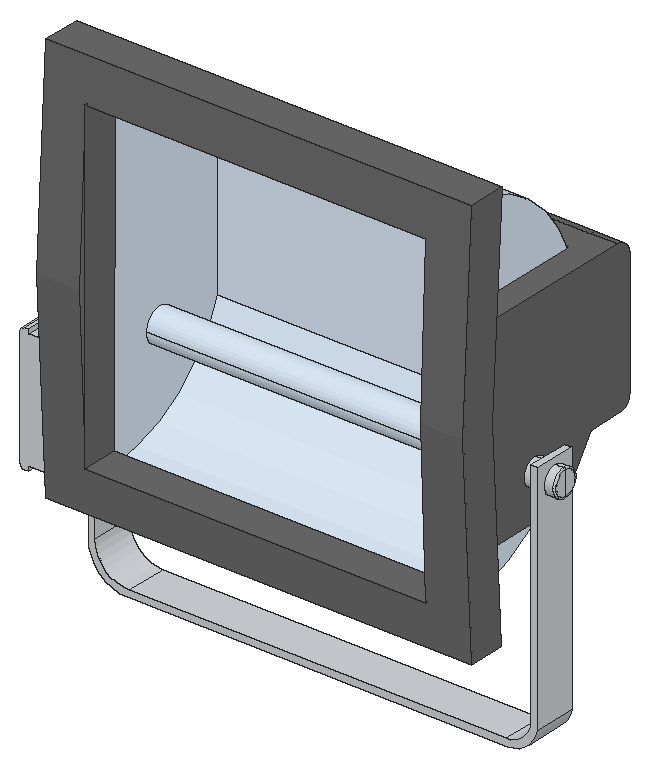
Revit family "Lighting-Proiezione-GEWISS-COLOSSEUM-PROIETTORI_OTTICA_SIMMETRICA", category Apparecchi per illuminazione, host Superficie, Revit 2019
Family settings
  Host = Superficie
  Quota connettore circolare = Usa diametro
  Tipo di parte = Normale
  Numero OmniClass = 23.80.70.11.14
  Titolo OmniClass = General Luminaries, Directional
  Taglio con vuoti quando caricato = No
  Sorgente d'illuminazione = No
  Condiviso = No
  Punto di calcolo locali = Sì
Parameters (values of type "GW84649 - COLOSSEUM SIM. DIF. 1000W MN X528/CAVO")
  Voltaggio = 230 V
  Versione file RFA = "20.11"
  URL = "https://www.gewiss.com/it/it"
  Superficie massima esposta al vento = "0,25M2"
  Superficie laterale esposta al vento = "0,083M2"
  Staffa = none
  Spessore staffa = 40 mm  # constant formula
  Scheda Tecnica = "https://www.gewiss.com/it/it/search?q=GW84649"
  SIMBOLO [instance] = yes
  SEO = "Proiettore"
  Resistenza agli urti = "IK09"
  Default Elevation = 1219.2 mm
  Produttore = "GEWISS S.p.A."
  Potenza lampada = "1000W"
  Peso (kg): = "16,4"
  Peso (kg) = "16,4"
  Ottica = "Simmetrica diffondente - ULOR: 0%"
  Offset etichetta W [instance] = 150 mm
  Numero di poli = 2
  Modello = "GW84649"
  Materiale = "Alluminio"
  Manopola di rotazione = none
  Lampada: = "MN"
  Lampada = "MN"
  L_interna staffa = 515 mm  # constant formula
  Inquinamento luminoso = "0 cd/Klm"
  Immagine tipo = GW84646.jpg
  IFC.TypeObject = ""
  IFC.ExportType = ""
  IFC.ExportAs = ""
  IDT = "e3fb4f7b-269b-4903-8aa9-695488925831"
  IDF = "337b4e20-7dcf-4b5c-8cd1-a09b02e429b6"
  Grado di protezione = "IP66"
  ETICHETTA W [instance] = yes
  Distanza minima dall'oggetto illuminato = "3M"
  Descrizione = "COLOSSEUM OTTICA SIMMETRICA DIFFONDENTE 1000W MN X528/CAVO"
  Creato da GEWISS S.p.A. = ""
  Corrente lampada: = "9,5A"
  Corrente lampada = "9,5A"
  Colore = "Grigio grafite"
  Codice Electrocod = "2433"
  Codice EAN = "8011564222113"
  Classificazione carico = Illuminazione
  Classe isolamento = "I"
  Certificazione DIN 18032-3 = "Conforme"
  Catalogo Serie = "COLOSSEUM"
  Catalogo = "LIGHTING"
  Carico apparente = 1000 VA
  COBie.Tagnumber = ""
  COBie.CreatedOn = ""
  COBie.CreatebBy = ""
  COBie.ComponentRegisterItemID = ""
  COBie.Component.TagNumber = ""
  COBie.Component.Space = ""
  COBie.Component.SerialNumber = ""
  COBie.Component.InstallationDate = ""
  COBie.Component.Description = ""
  COBie.Component.BarCode = ""
  BIDIMENSIONALE [instance] = not(SIMBOLO)  # no
  Attacco lampada = "X528/Cavo"
  Applicazione = "Esterno"
Reference planes
  plane 1 "Centro (Fronte/Retro)": y = 0
  plane 2: z = 0
  plane 3 "Centro (Sinistra/Destra)": x = 0
  plane 4: z = 306.868
  plane 5: y = 20
  plane 6: y = -20
  plane 7: x = -257.5
  plane 8: x = 257.5
  plane 9: y = -150
Lines and regions (mm)
  Masking region 1, visible <- "BIDIMENSIONALE"
    outline origin (-1739.2, 0, 138.951) x (1, 0, 0) y (0, 1, 0)
      loop
        line (1473.882, 45) -> (1409.375, 45) -> (1409.375, -45) -> (1473.882, -45) -> (1473.882, -25) -> (1497.7, -25) -> (1497.7, -60.148) -> (1487.7, -60.148) -> (1487.7, -105.146) -> (1990.7, -105.146) -> (1990.7, -60.148) -> (1980.7, -60.148) -> (1980.7, -25) -> (2004.518, -25) -> (2004.518, -16.196) -> (2017.093, -16.196) -> (2017.093, 15.967) -> (2004.518, 15.967) -> (2004.518, 25) -> (1980.7, 25) -> (1980.7, 140) -> (1497.7, 140) -> (1497.7, 25) -> (1473.882, 25) -> (1473.882, 45)
  symbolic lines, visible <- "BIDIMENSIONALE"
    curve 1: line (-329.825, 45, 138.951) -> (-265.318, 45, 138.951)
    curve 2: line (-329.825, -45, 138.951) -> (-329.825, 45, 138.951)
    curve 3: line (-265.318, -45, 138.951) -> (-329.825, -45, 138.951)
    curve 4: line (-265.318, 45, 138.951) -> (-265.318, -45, 138.951)
    curve 5: line (-320.053, 45, 138.951) -> (-320.053, -45, 138.951)
    curve 6: line (-265.318, 25, 138.951) -> (-241.5, 25, 138.951)
    curve 7: line (-265.318, -25, 138.951) -> (-265.318, 25, 138.951)
    curve 8: line (-241.5, -25, 138.951) -> (-265.318, -25, 138.951)
    curve 9: line (-241.5, 25, 138.951) -> (-241.5, -25, 138.951)
    curve 10: line (-257.5, 25, 138.951) -> (-257.5, -25, 138.951)
    curve 11: line (-241.5, -60.148, 138.951) -> (241.5, -60.148, 138.951)
    curve 12: line (-241.5, 140, 138.951) -> (-241.5, -60.148, 138.951)
    curve 13: line (241.5, 140, 138.951) -> (-241.5, 140, 138.951)
    curve 14: line (241.5, -60.148, 138.951) -> (241.5, 140, 138.951)
    curve 15: line (251.5, -60.148, 138.951) -> (-251.5, -60.148, 138.951)
    curve 16: line (251.5, -105.146, 138.951) -> (251.5, -60.148, 138.951)
    curve 17: line (-251.5, -105.146, 138.951) -> (251.5, -105.146, 138.951)
    curve 18: line (-251.5, -60.148, 138.951) -> (-251.5, -105.146, 138.951)
    curve 19: line (265.318, 25, 138.951) -> (241.5, 25, 138.951)
    curve 20: line (265.318, -25, 138.951) -> (265.318, 25, 138.951)
    curve 21: line (241.5, -25, 138.951) -> (265.318, -25, 138.951)
    curve 22: line (241.5, 25, 138.951) -> (241.5, -25, 138.951)
    curve 23: line (265.318, -16.196, 138.951) -> (277.893, -16.196, 138.951)
    curve 24: line (265.318, 15.967, 138.951) -> (265.318, -16.196, 138.951)
    curve 25: line (277.893, 15.967, 138.951) -> (265.318, 15.967, 138.951)
    curve 26: line (277.893, -16.196, 138.951) -> (277.893, 15.967, 138.951)
    curve 27: line (257.5, -25, 138.951) -> (257.5, 25, 138.951)
  symbolic lines, visible <- "BIDIMENSIONALE", not visible
    curve 28: line (-329.825, 45, 138.951) -> (-265.318, 45, 138.951)
    curve 29: line (-329.825, -45, 138.951) -> (-329.825, 45, 138.951)
    curve 30: line (-265.318, -45, 138.951) -> (-329.825, -45, 138.951)
    curve 31: line (-265.318, 45, 138.951) -> (-265.318, -45, 138.951)
    curve 32: line (-320.053, 45, 138.951) -> (-320.053, -45, 138.951)
    curve 33: line (-265.318, 25, 138.951) -> (-241.5, 25, 138.951)
    curve 34: line (-265.318, -25, 138.951) -> (-265.318, 25, 138.951)
    curve 35: line (-241.5, -25, 138.951) -> (-265.318, -25, 138.951)
    curve 36: line (-241.5, 25, 138.951) -> (-241.5, -25, 138.951)
    curve 37: line (-257.5, 25, 138.951) -> (-257.5, -25, 138.951)
    curve 38: line (-241.5, -60.148, 138.951) -> (241.5, -60.148, 138.951)
    curve 39: line (-241.5, 140, 138.951) -> (-241.5, -60.148, 138.951)
    curve 40: line (241.5, 140, 138.951) -> (-241.5, 140, 138.951)
    curve 41: line (241.5, -60.148, 138.951) -> (241.5, 140, 138.951)
    curve 42: line (251.5, -60.148, 138.951) -> (-251.5, -60.148, 138.951)
    curve 43: line (251.5, -105.146, 138.951) -> (251.5, -60.148, 138.951)
    curve 44: line (-251.5, -105.146, 138.951) -> (251.5, -105.146, 138.951)
    curve 45: line (-251.5, -60.148, 138.951) -> (-251.5, -105.146, 138.951)
    curve 46: line (265.318, 25, 138.951) -> (241.5, 25, 138.951)
    curve 47: line (265.318, -25, 138.951) -> (265.318, 25, 138.951)
    curve 48: line (241.5, -25, 138.951) -> (265.318, -25, 138.951)
    curve 49: line (241.5, 25, 138.951) -> (241.5, -25, 138.951)
    curve 50: line (265.318, -16.196, 138.951) -> (277.893, -16.196, 138.951)
    curve 51: line (265.318, 15.967, 138.951) -> (265.318, -16.196, 138.951)
    curve 52: line (277.893, 15.967, 138.951) -> (265.318, 15.967, 138.951)
    curve 53: line (277.893, -16.196, 138.951) -> (277.893, 15.967, 138.951)
    curve 54: line (257.5, -25, 138.951) -> (257.5, 25, 138.951)
Dimensions and locks
  equal spacing: plane 6, plane 1 "Centro (Fronte/Retro)", plane 5
  "Spessore staffa": plane 6 to plane 5
  equal spacing: plane 7, plane 3 "Centro (Sinistra/Destra)", plane 8
  "L_interna staffa": plane 7 to plane 8
  nested 2 to nested 2 = 503 mm
  "Offset etichetta W": plane 1 "Centro (Fronte/Retro)" to plane 9
  aligned and locked: plane 2 to host face
  aligned and locked: level to host face
  aligned and locked: plane 1 "Centro (Fronte/Retro)" to nested 1
  aligned and locked: plane 3 "Centro (Sinistra/Destra)" to nested 1
  aligned and locked: nested 1 to nested 2
  aligned and locked: plane 3 "Centro (Sinistra/Destra)" to nested 3
  aligned and locked: plane 1 "Centro (Fronte/Retro)" to nested 3
  aligned and locked: nested 5 to level
  aligned and locked: plane 3 "Centro (Sinistra/Destra)" to nested 5
  aligned and locked: nested 2 to plane 1 "Centro (Fronte/Retro)"
  aligned and locked: nested 6 to plane 9
  aligned and locked: plane 3 "Centro (Sinistra/Destra)" to nested 6
Automatic sketch dimensions
  host sketch curve to host sketch curve = 2438.4 mm  (x2)
  Masking region 1 sketch curve to plane 5 = 25 mm
  Masking region 1 sketch curve to plane 7 = 72.325 mm
  Masking region 1 sketch curve to plane 7 = 7.818 mm  (x2)
  plane 7 to Masking region 1 sketch curve = 6 mm
  Masking region 1 sketch curve to plane 5 = 5 mm  (x2)
  plane 7 to Masking region 1 sketch curve = 16 mm
  Masking region 1 sketch curve to Masking region 1 sketch curve = 10 mm
  plane 6 to Masking region 1 sketch curve = 5 mm  (x2)
  Masking region 1 sketch curve to plane 8 = 16 mm  (x2)
  Masking region 1 sketch curve to plane 8 = 6 mm
  plane 8 to Masking region 1 sketch curve = 7.818 mm  (x2)
  Masking region 1 sketch curve to plane 6 = 3.804 mm
  plane 5 to Masking region 1 sketch curve = 4.033 mm
  Masking region 1 sketch curve to Masking region 1 sketch curve = 12.575 mm
  Masking region 1 sketch curve to Masking region 1 sketch curve = 20 mm
  Masking region 1 sketch curve to Masking region 1 sketch curve = 35.148 mm
  Masking region 1 sketch curve to Masking region 1 sketch curve = 15.148 mm
  Masking region 1 sketch curve to Masking region 1 sketch curve = 44.998 mm
  Masking region 1 sketch curve to Masking region 1 sketch curve = 115 mm
Nested families
  nested 1: "GW - Staffa" at (0, 0, 0), type "GW - Staffa"
  nested 2: "GW - COLOSSEUM" at (0, 0, 129.414) x (-1, 0, 0) z (0, 0, 1), type "GW - COLOSSEUM"
  nested 3: "PROIETTORE" at (0, 0, 138.951), visible <- "SIMBOLO", type "PROIETTORE"
  nested 4: "2D - COLOSSEUM - LAT" at (0, -31.689, 0) x (0, -1, 0) z (1, 0, 0), type "BIDIMENSIONALE"
  nested 5: "2D - COLOSSEUM - FRONTE" at (0, 0, 0) x (1, 0, 0) z (0, -1, 0), type "BIDIMENSIONALE"
  nested 6: "ETICHETTA LIGHT" at (0, -150, 0), visible <- "ETICHETTA W", type "ETICHETTA LIGHT"
Connectors
  electrical at (-295.522, 0, 251.903), driven by "Numero di poli", driven by "Classificazione carico", driven by "Voltaggio", driven by "Carico apparente"
    settings: on nested 1, index 1, voltage 230 V, apparent load 0 VA, apparent load phase1 1000 VA, apparent load phase2 0 VA, apparent load phase3 0 VA, power factor 1, load classification "Illuminazione", number of poles 2, system type 31, power factor state 1, is connector primary yes, connector utility no, sub classification motor no, connector description ""
Definition of nested family "GW - Staffa"
  Parameters (values of type "GW - Staffa")
    Staffa = none
    Spessore staffa = 50 mm
    Rotazione = none
    Default Elevation = 1219.2 mm
    L_interna staffa = 515 mm
    IFC.TypeObject = ""
    IFC.ExportType = ""
    IFC.ExportAs = ""
    Centro_rotazione = 276 mm
    COBie.CreatedOn = ""
    COBie.CreatebBy = ""
    COBie.ComponentRegisterItemID = ""
    COBie.Component.TagNumber = ""
    COBie.Component.Space = ""
    COBie.Component.SerialNumber = ""
    COBie.Component.InstallationDate = ""
    COBie.Component.Description = ""
    COBie.Component.BarCode = ""
  Reference planes
    plane 1 "Centro (Fronte/Retro)": y = 0
    plane 2: z = 0
    plane 3 "Centro (Sinistra/Destra)": x = 0
    plane 4: x = -257.5
    plane 5: x = -265.318
    plane 6: x = 257.5
    plane 7: x = 265.318
    plane 8: y = 25
    plane 9: y = -25
    plane 10: z = 8.002
    plane 11: z = 276
    plane 12: z = 307
    plane 13: z = 284.359
    plane 14 "aggancio lampada": x = -241.318
    plane 15: z = 1009.027
    plane 16: y = 45
    plane 17: y = -45
    plane 18: x = 241.318
  Forms (mm)
    Extrusion 1, solid, material <- "Staffa"
      sketch origin (0, 0, 0) x (1, 0, 0) y (0, 0, 1)
        loop
          line (-257.5, 307) -> (-265.318, 307) -> (-265.318, 46.032)
          arc (-265.318, 46.032) -> (-251.836, 13.482) -> (-219.286, 0) r 46.032
          line (-219.286, 0) -> (230.08, 0)
          arc (230.08, 0) -> (252.867, 8.149) -> (265.318, 28.9) r 35.933
          line (265.318, 28.9) -> (265.318, 307) -> (257.5, 307) -> (257.5, 31.592)
          arc (257.5, 31.592) -> (246.998, 14.632) -> (228.184, 8.002) r 30.012
          line (228.184, 8.002) -> (-217.39, 8.002)
          arc (-217.39, 8.002) -> (-245.752, 19.75) -> (-257.5, 48.112) r 40.11
          line (-257.5, 48.112) -> (-257.5, 307)
      from -25 to 25
    Revolve 2, solid, material <- "Rotazione"
      sketch origin (0, 0, 0) x (1, 0, 0) y (0, 0, 1)
        loop
          line (-241.318, 300.366) -> (-276.087, 300.366)
          arc (-276.087, 300.366) -> (-277.455, 299.799) -> (-278.021, 298.431) r 1.935
          line (-278.021, 298.431) -> (-278.021, 284.359) -> (-241.318, 284.359) -> (-241.318, 300.366)
        axis (-278.021, 284.359) -> (-241.318, 284.359)
      angle from 0 to 360
    Revolve 3, solid
      sketch origin (0, 0, 0) x (-1, 0, 0) y (0, 0, 1)
        loop
          line (-241.318, 300.366) -> (-276.087, 300.366)
          arc (-276.087, 300.366) -> (-277.455, 299.799) -> (-278.021, 298.431) r 1.935
          line (-278.021, 298.431) -> (-278.021, 284.359) -> (-241.318, 284.359) -> (-241.318, 300.366)
        axis (-278.021, 284.359) -> (-241.318, 284.359)
      angle from 0 to 360
    Extrusion 4, solid
      sketch origin (0, 0, 0) x (1, 0, 0) y (0, 0, 1)
        loop
          line (-320.053, 111.847) -> (-270.318, 111.847)
          arc (-270.318, 111.847) -> (-266.782, 113.312) -> (-265.318, 116.847) r 5
          line (-265.318, 116.847) -> (-265.318, 246.229)
          arc (-265.318, 246.229) -> (-266.98, 250.241) -> (-270.992, 251.903) r 5.674
          line (-270.992, 251.903) -> (-320.053, 251.903) -> (-320.053, 256.903) -> (-324.825, 256.903)
          arc (-324.825, 256.903) -> (-328.36, 255.439) -> (-329.825, 251.903) r 5
          line (-329.825, 251.903) -> (-329.825, 111.845)
          arc (-329.825, 111.845) -> (-328.36, 108.309) -> (-324.825, 106.845) r 5
          line (-324.825, 106.845) -> (-320.053, 106.845) -> (-320.053, 111.847)
      from -45 to 45
  Dimensions and locks
    locked: plane 4 to plane 5 at 7.818
    locked: plane 7 to plane 6 at 7.818
    locked: plane 10 to level at 8.002
    "Centro_rotazione": plane 11 to plane 2
    equal spacing: plane 6, plane 3 "Centro (Sinistra/Destra)", plane 4
    "L_interna staffa": plane 6 to plane 4
    locked: plane 12 to plane 11 at 31
    equal spacing: plane 8, plane 1 "Centro (Fronte/Retro)", plane 9
    "Spessore staffa": plane 8 to plane 9
    locked: plane 13 to plane 11 at 8.359
    locked: plane 14 "aggancio lampada" to plane 5 at 24
    locked: plane 17 to plane 9 at 20
    locked: plane 8 to plane 16 at 20
    aligned and locked: level to plane 2
    aligned and locked: Extrusion 1 sketch curve to plane 4
    aligned and locked: Extrusion 1 sketch curve to plane 5
    aligned and locked: Extrusion 1 sketch curve to plane 7
    aligned and locked: Extrusion 1 sketch curve to plane 6
    aligned and locked: Extrusion 1 sketch curve to plane 2
    aligned and locked: plane 8 to Extrusion 1
    aligned and locked: Extrusion 1 to plane 9
    aligned and locked: Extrusion 1 to plane 10
    aligned and locked: Extrusion 1 to plane 12  (x2)
    aligned and locked: Revolve 2 to plane 14 "aggancio lampada"
    aligned and locked: plane 16 to Extrusion 4
    aligned and locked: Extrusion 4 to plane 17
    aligned and locked: plane 5 to Extrusion 4
    aligned and locked: Revolve 3 to plane 18
  Automatic sketch dimensions
    Extrusion 1 sketch curve to plane 10 = 0 mm
    Extrusion 1 sketch curve to plane 12 = 0 mm  (x2)
    plane 14 "aggancio lampada" to Extrusion 1 sketch curve = 22.032 mm
    Extrusion 1 sketch curve to Extrusion 1 sketch curve = 1.896 mm  (x2)
    Extrusion 1 sketch curve to plane 6 = 29.316 mm
    level to Extrusion 1 sketch curve = 28.9 mm
    Extrusion 1 sketch curve to Extrusion 1 sketch curve = 2.692 mm
    Revolve 2 sketch curve to plane 13 = 0 mm  (x2)
    Revolve 2 sketch curve to plane 14 "aggancio lampada" = 0 mm
    Revolve 2 sketch curve to plane 5 = 10.769 mm
    Revolve 2 sketch curve to plane 5 = 12.703 mm
    plane 12 to Revolve 2 sketch curve = 8.569 mm
    Revolve 2 sketch curve to Revolve 2 sketch curve = 38.544 mm
    plane 7 to Revolve 2 sketch curve = 131.71 mm
    Revolve 3 sketch curve to plane 13 = 0 mm  (x2)
    Revolve 3 sketch curve to plane 7 = 12.703 mm
    Revolve 3 sketch curve to Revolve 3 sketch curve = 1.935 mm
    plane 6 to Revolve 3 sketch curve = 16.182 mm
    Revolve 3 sketch curve to plane 12 = 8.569 mm
    Revolve 3 sketch curve to Revolve 3 sketch curve = 38.544 mm
    plane 5 to Revolve 3 sketch curve = 131.711 mm
    Extrusion 4 sketch curve to plane 5 = 64.507 mm
    Extrusion 4 sketch curve to Extrusion 4 sketch curve = 5 mm  (x2)
    Extrusion 4 sketch curve to Extrusion 4 sketch curve = 4.772 mm  (x2)
    Extrusion 4 sketch curve to plane 5 = 5.674 mm
    Extrusion 4 sketch curve to plane 5 = 5 mm
    Extrusion 4 sketch curve to plane 5 = 0 mm
    Extrusion 4 sketch curve to plane 10 = 98.843 mm
    Extrusion 4 sketch curve to Extrusion 4 sketch curve = 5.002 mm
    plane 11 to Extrusion 4 sketch curve = 29.771 mm
    Extrusion 4 sketch curve to Extrusion 4 sketch curve = 0 mm
Definition of nested family "GW - COLOSSEUM"
  Parameters (values of type "GW - COLOSSEUM")
    Default Elevation = 1219.2 mm
    Ottica = none
    Lunghezza = 503 mm
    Led = none
    Cornice = none
  Reference planes
    plane 1 "Centro (Fronte/Retro)": y = 0
    plane 2: z = 0
    plane 3 "Centro (Sinistra/Destra)": x = 0
    plane 4: x = -251.5
    plane 5: x = 251.5
    plane 6: y = 140
    plane 7: y = -140
    plane 8: z = 485
    plane 9: x = -201.5
    plane 10: x = 201.5
    plane 11: z = 435
    plane 12: z = 50
    plane 13: x = -209.5
    plane 14: x = 209.5
    plane 15: z = 242.5
    plane 16: z = 154.945
    plane 17: x = -241.5
    plane 18: x = 241.5
  Forms (mm)
    Extrusion 1, solid, material <- "Cornice"
      sketch origin (0, 0, 0) x (0, 1, 0) y (0, 0, 1)
        loop
          arc (60.148, 485) -> (74.904, 242.528) -> (62.105, -0.055) r 2141.49
          line (62.105, -0.055) -> (105.137, -0.055)
          arc (105.137, -0.055) -> (118.461, 242.472) -> (105.146, 485) r 2214.693
          line (105.146, 485) -> (60.148, 485)
      from -251.5 to 251.5
    Extrusion 2, void
      sketch origin (0, 0, 0) x (0, 1, 0) y (0, 0, 1)
        loop
          arc (65.457, 435) -> (74.904, 242.535) -> (67.012, 50) r 2141.49
          line (67.012, 50) -> (110.078, 50)
          arc (110.078, 50) -> (118.461, 242.5) -> (110.081, 435) r 2214.693
          line (110.081, 435) -> (65.457, 435)
      from -201.5 to 201.5
    Extrusion 3, solid, material <- "Ottica"
      sketch origin (0, 0, 0) x (0, 1, 0) y (0, 0, 1)
        loop
          arc (63.576, 454.03) -> (-30.298, 418.358) -> (-89.216, 337.034) r 175.396
          line (-89.216, 337.034) -> (-89.216, 148.023)
          arc (-89.216, 148.023) -> (-29.619, 66.181) -> (65.28, 30.91) r 175.396
          arc (65.28, 30.91) -> (74.904, 242.512) -> (63.576, 454.03) r 2141.49
      from -209.5 to 209.5
    Extrusion 4, void
      sketch origin (0, 0, 0) x (0, 1, 0) y (0, 0, 1)
        loop
          arc (63.984, 450.049) -> (-27.551, 415.422) -> (-85.216, 336.35) r 171.396
          line (-85.216, 336.35) -> (-85.216, 148.706)
          arc (-85.216, 148.706) -> (-26.883, 69.128) -> (65.656, 34.895) r 171.396
          arc (65.656, 34.895) -> (74.904, 242.512) -> (63.984, 450.049) r 2141.49
      from -201.5 to 201.5
    Extrusion 5, solid, material <- "Led"
      sketch origin (0, 0, -87.555) x (0, 1, 0) y (0, 0, 1)
        loop
          circle (0, 242.5) r 20
      from -201.5 to 201.5
    Extrusion 6, solid, material <- "Cornice"
      sketch origin (0, 0, 0) x (0, 1, 0) y (0, 0, 1)
        loop
          line (72.23, 341.215) -> (-122.581, 341.215)
          arc (-122.581, 341.215) -> (-134.898, 336.113) -> (-140, 323.796) r 17.419
          line (-140, 323.796) -> (-140, 176.143)
          arc (-140, 176.143) -> (-135.607, 165.537) -> (-125, 161.143) r 15
          line (-125, 161.143) -> (-82.752, 161.143)
          arc (-82.752, 161.143) -> (-60.239, 128.379) -> (-31.882, 100.518) r 207.136
          line (-31.882, 100.518) -> (70.764, 100.518)
          arc (70.764, 100.518) -> (74.882, 220.846) -> (72.23, 341.215) r 2141.49
      from -241.5 to -209.5
    Extrusion 7, solid, material <- "Cornice"
      sketch origin (0, 0, 0) x (0, 1, 0) y (0, 0, -1)
        loop
          arc (72.23, -341.215) -> (74.882, -220.846) -> (70.764, -100.518) r 2141.49
          line (70.764, -100.518) -> (-31.882, -100.518)
          arc (-31.882, -100.518) -> (-60.239, -128.379) -> (-82.752, -161.143) r 207.136
          line (-82.752, -161.143) -> (-125, -161.143)
          arc (-125, -161.143) -> (-135.607, -165.537) -> (-140, -176.143) r 15
          line (-140, -176.143) -> (-140, -323.796)
          arc (-140, -323.796) -> (-134.898, -336.113) -> (-122.581, -341.215) r 17.419
          line (-122.581, -341.215) -> (72.23, -341.215)
      from -241.5 to -209.5
    Extrusion 8, solid, material <- "Cornice"
      sketch origin (0, 0, 0) x (0, 1, 0) y (0, 0, 1)
        loop
          line (-89.216, 341.215) -> (-122.581, 341.215)
          arc (-122.581, 341.215) -> (-134.898, 336.113) -> (-140, 323.796) r 17.419
          line (-140, 323.796) -> (-140, 176.143)
          arc (-140, 176.143) -> (-135.607, 165.537) -> (-125, 161.143) r 15
          line (-125, 161.143) -> (-89.216, 161.143) -> (-89.216, 341.215)
      from -209.5 to 209.5
  Cuts and joins
    Extrusion 2 cuts Extrusion 1
    Extrusion 4 cuts Extrusion 3
    Extrusion 2 cuts Extrusion 6
    joined: Extrusion 6, Extrusion 7, Extrusion 8
  Dimensions and locks
    equal spacing: plane 4, plane 3 "Centro (Sinistra/Destra)", plane 5
    equal spacing: plane 6, plane 1 "Centro (Fronte/Retro)", plane 7
    equal spacing: plane 5, plane 3 "Centro (Sinistra/Destra)", plane 4
    plane 8 to plane 2 = 485 mm
    "Lunghezza": plane 5 to plane 4
    locked: plane 8 to plane 11 at 50
    locked: plane 9 to plane 4 at 50
    locked: plane 12 to plane 2 at 50
    locked: plane 5 to plane 10 at 50
    locked: plane 9 to plane 13 at 8
    locked: plane 14 to plane 10 at 8
    equal spacing: plane 8, plane 15, plane 2
    plane 16 to cut or joined group of Extrusion 1, Extrusion 2 = 155 mm
    locked: plane 17 to plane 4 at 10
    locked: plane 5 to plane 18 at 10
    aligned and locked: level to plane 2
    aligned and locked: Extrusion 1 to plane 4
    aligned and locked: plane 5 to Extrusion 1
    aligned and locked: plane 8 to Extrusion 1
    aligned and locked: Extrusion 2 sketch curve to plane 11
    aligned and locked: Extrusion 2 sketch curve to plane 12
    aligned and locked: Extrusion 2 to plane 9
    aligned and locked: plane 10 to Extrusion 2
    aligned and locked: Extrusion 4 to plane 9
    aligned and locked: plane 10 to Extrusion 4
    aligned and locked: Extrusion 3 to plane 13
    aligned and locked: plane 14 to Extrusion 3
    aligned and locked: Extrusion 5 to plane 9
    aligned and locked: plane 10 to Extrusion 5
    aligned and locked: Extrusion 6 to plane 17
    aligned and locked: plane 13 to cut or joined group of Extrusion 2, Extrusion 6, Extrusion 7, Extrusion 8
    aligned and locked: cut or joined group of Extrusion 3, Extrusion 4 to Extrusion 8  (x2)
    aligned and locked: plane 18 to Extrusion 7
  Automatic sketch dimensions
    Extrusion 1 sketch curve to plane 8 = 0 mm
    plane 15 to Extrusion 1 sketch curve = 0.015 mm
    Extrusion 1 sketch curve to plane 7 = 1956.232 mm
    Extrusion 1 sketch curve to plane 15 = 8.611 mm
    Extrusion 1 sketch curve to Extrusion 1 sketch curve = 29.663 mm
    Extrusion 1 sketch curve to plane 1 "Centro (Fronte/Retro)" = 60.148 mm
    Extrusion 1 sketch curve to level = 0.055 mm
    Extrusion 1 sketch curve to plane 6 = 34.863 mm
    plane 15 to Extrusion 2 sketch curve = 0.015 mm
    Extrusion 2 sketch curve to plane 7 = 1956.232 mm
    Extrusion 2 sketch curve to plane 15 = 8.611 mm
    Extrusion 2 sketch curve to Extrusion 2 sketch curve = 29.663 mm
    Extrusion 2 sketch curve to plane 1 "Centro (Fronte/Retro)" = 65.457 mm
    Extrusion 2 sketch curve to plane 6 = 29.922 mm
    Extrusion 3 sketch curve to plane 15 = 8.611 mm
    Extrusion 3 sketch curve to plane 7 = 1926.569 mm
    plane 7 to Extrusion 3 sketch curve = 50.784 mm
    plane 15 to Extrusion 3 sketch curve = 36.598 mm
    Extrusion 3 sketch curve to plane 6 = 63.664 mm  (x2)
    Extrusion 3 sketch curve to plane 15 = 36.542 mm
    Extrusion 3 sketch curve to plane 16 = 6.922 mm
    plane 15 to Extrusion 3 sketch curve = 94.534 mm
    plane 11 to Extrusion 3 sketch curve = 19.03 mm
    Extrusion 4 sketch curve to plane 15 = 8.611 mm
    Extrusion 4 sketch curve to plane 7 = 1926.569 mm
    plane 7 to Extrusion 4 sketch curve = 54.784 mm
    Extrusion 4 sketch curve to plane 15 = 36.542 mm
    Extrusion 4 sketch curve to plane 6 = 63.664 mm  (x2)
    plane 15 to Extrusion 4 sketch curve = 36.598 mm
    Extrusion 4 sketch curve to plane 16 = 6.239 mm
    plane 15 to Extrusion 4 sketch curve = 93.85 mm
    plane 11 to Extrusion 4 sketch curve = 15.049 mm
    Extrusion 5 sketch curve to plane 1 "Centro (Fronte/Retro)" = 0 mm
    Extrusion 5 sketch curve to plane 16 = 0 mm
    Extrusion 6 sketch curve to plane 7 = 0 mm
    Extrusion 6 sketch curve to plane 15 = 8.611 mm
    Extrusion 6 sketch curve to plane 7 = 1926.569 mm
    plane 16 to Extrusion 6 sketch curve = 6.198 mm
    plane 7 to Extrusion 6 sketch curve = 15 mm
    plane 7 to Extrusion 6 sketch curve = 17.419 mm
    Extrusion 6 sketch curve to Extrusion 6 sketch curve = 42.248 mm
    plane 1 "Centro (Fronte/Retro)" to Extrusion 6 sketch curve = 31.882 mm
    Extrusion 6 sketch curve to plane 6 = 69.236 mm
    Extrusion 6 sketch curve to plane 6 = 67.77 mm
    plane 15 to Extrusion 6 sketch curve = 19.023 mm
    Extrusion 6 sketch curve to plane 6 = 41.564 mm
    Extrusion 7 sketch curve to plane 7 = 0 mm
    Extrusion 7 sketch curve to plane 15 = 8.611 mm
    Extrusion 7 sketch curve to plane 7 = 1926.569 mm
    plane 16 to Extrusion 7 sketch curve = 6.198 mm
    plane 7 to Extrusion 7 sketch curve = 15 mm
    plane 7 to Extrusion 7 sketch curve = 17.419 mm
    Extrusion 7 sketch curve to Extrusion 7 sketch curve = 42.248 mm
    plane 1 "Centro (Fronte/Retro)" to Extrusion 7 sketch curve = 31.882 mm
    Extrusion 7 sketch curve to plane 6 = 69.236 mm
    Extrusion 7 sketch curve to plane 6 = 67.77 mm
    plane 15 to Extrusion 7 sketch curve = 19.023 mm
    Extrusion 7 sketch curve to plane 6 = 41.564 mm
    Extrusion 8 sketch curve to plane 7 = 0 mm
    plane 7 to Extrusion 8 sketch curve = 17.419 mm
    plane 15 to Extrusion 8 sketch curve = 81.296 mm
    plane 7 to Extrusion 8 sketch curve = 15 mm
    Extrusion 8 sketch curve to Extrusion 8 sketch curve = 35.784 mm
    plane 16 to Extrusion 8 sketch curve = 6.198 mm
    radius of Extrusion 5 sketch curve = 20 mm
Definition of nested family "PROIETTORE"
  Reference planes
    plane 1 "Centro (Fronte/Retro)": y = 0
    plane 2: z = 0
    plane 3 "Centro (Sinistra/Destra)": x = 0
  Lines and regions (mm)
    detail lines, in view "Livello rif."
      curve 1: arc (38.588, -80.972, 0) -> (56.481, 0, 0) -> (38.588, 80.972, 0) r 192.159
      curve 2: arc (-28.784, -60.401, 0) -> (3.649, -74.79, 0) -> (38.588, -80.972, 0) r 146.716
      curve 3: arc (-28.784, 60.401, 0) -> (-59.936, 0, 0) -> (-28.784, -60.401, 0) r 74.132
      curve 4: arc (38.588, 80.972, 0) -> (3.649, 74.79, 0) -> (-28.784, 60.401, 0) r 146.716
      curve 5: line (-28.784, -60.401, 0) -> (38.588, 80.972, 0)
      curve 6: line (38.588, 80.972, 0) -> (38.588, -80.972, 0)
      curve 7: line (38.588, -80.972, 0) -> (-28.784, 60.401, 0)
Definition of nested family "2D - COLOSSEUM - LAT"
  Reference planes
    plane 1 "Centro (Fronte/Retro)": y = 0
    plane 2: z = 0
    plane 3 "Centro (Sinistra/Destra)": x = 0
  Lines and regions (mm)
    Masking region 1, in view "Livello rif."
      outline origin (0, 0, 0) x (1, 0, 0) y (0, 1, 0)
        loop
          line (28.614, 614.415) -> (32.477, 583.358)
          arc (32.477, 583.358) -> (-58.52, 548.486) -> (-123.646, 475.994) r 208.001
          arc (-123.646, 475.994) -> (-123.624, 471.579) -> (-119.796, 469.378) r 4.428
          line (-119.796, 469.378) -> (-156.684, 469.378)
          arc (-156.684, 469.378) -> (-167.294, 464.984) -> (-171.689, 454.374) r 15.005
          line (-171.689, 454.374) -> (-171.689, 303.985)
          arc (-171.689, 303.985) -> (-167.396, 293.621) -> (-157.031, 289.327) r 14.658
          line (-157.031, 289.327) -> (-127.182, 289.327)
          arc (-127.182, 289.327) -> (-130.355, 288.013) -> (-131.669, 284.84) r 4.487
          arc (-131.669, 284.84) -> (-104.005, 237.735) -> (-64.216, 200.304) r 192.374
          line (-64.216, 200.304) -> (-64.216, 120.569) -> (-70.646, 120.569)
          arc (-70.646, 120.569) -> (-77.515, 113.7) -> (-70.646, 106.831) r 6.869
          line (-70.646, 106.831) -> (-44.015, 106.831) -> (-44.015, 101.831) -> (-47.433, 101.831) -> (-47.433, 81.825) -> (-48.9, 81.825) -> (-48.9, 76.823) -> (-27.506, 76.823) -> (-22.036, 0) -> (22.036, 0) -> (14.429, 106.831) -> (37.01, 106.831)
          arc (37.01, 106.831) -> (43.879, 113.7) -> (37.01, 120.569) r 6.869
          line (37.01, 120.569) -> (30.581, 120.569) -> (30.581, 129.281) -> (63.05, 129.281)
          arc (63.05, 129.281) -> (69.87, 131.73) -> (73.574, 137.957) r 10.721
          arc (73.574, 137.957) -> (87.242, 371.667) -> (73.574, 605.377) r 2004.977
          arc (73.574, 605.377) -> (69.708, 611.659) -> (62.865, 614.415) r 11.794
          line (62.865, 614.415) -> (28.614, 614.415)
    detail lines, in view "Livello rif."
      curve 1: line (-22.52, 76.823, 0) -> (-27.506, 76.823, 0)
      curve 2: line (-48.9, 81.825, 0) -> (-22.52, 81.825, 0)
      curve 3: line (-22.52, 81.825, 0) -> (-22.52, 76.823, 0)
      curve 4: line (-44.015, 101.831, 0) -> (-23.984, 101.831, 0)
      curve 5: line (-23.984, 101.831, 0) -> (-23.984, 81.825, 0)
      curve 6: line (-41.2, 101.831, 0) -> (-41.2, 81.825, 0)
      curve 7: line (-35.71, 76.823, 0) -> (-35.71, 81.825, 0)
      curve 8: line (-44.015, 106.831, 0) -> (-44.015, 101.831, 0)
      curve 9: line (-30.218, 101.831, 0) -> (-30.218, 81.825, 0)
      curve 10: line (-27.404, 106.831, 0) -> (-27.404, 101.831, 0)
      curve 11: line (-58.528, 256.875, 0) -> (-70.646, 256.875, 0)
      curve 12: line (-70.646, 256.875, 0) -> (-71.196, 256.852, 0)
      curve 13: line (-71.196, 256.852, 0) -> (-71.734, 256.785, 0)
      curve 14: line (-71.734, 256.785, 0) -> (-72.258, 256.675, 0)
      curve 15: line (-72.258, 256.675, 0) -> (-72.766, 256.525, 0)
      curve 16: line (-72.766, 256.525, 0) -> (-73.257, 256.335, 0)
      curve 17: line (-73.257, 256.335, 0) -> (-73.729, 256.108, 0)
      curve 18: line (-73.729, 256.108, 0) -> (-74.179, 255.846, 0)
      curve 19: line (-74.179, 255.846, 0) -> (-74.608, 255.549, 0)
      curve 20: line (-74.608, 255.549, 0) -> (-75.011, 255.221, 0)
      curve 21: line (-75.011, 255.221, 0) -> (-75.389, 254.863, 0)
      curve 22: line (-75.389, 254.863, 0) -> (-75.739, 254.476, 0)
      curve 23: line (-75.739, 254.476, 0) -> (-76.06, 254.062, 0)
      curve 24: line (-76.06, 254.062, 0) -> (-76.349, 253.624, 0)
      curve 25: line (-76.349, 253.624, 0) -> (-76.606, 253.163, 0)
      curve 26: line (-76.606, 253.163, 0) -> (-76.827, 252.68, 0)
      curve 27: line (-76.827, 252.68, 0) -> (-77.012, 252.177, 0)
      curve 28: line (-77.012, 252.177, 0) -> (-77.16, 251.657, 0)
      curve 29: line (-77.16, 251.657, 0) -> (-77.267, 251.12, 0)
      curve 30: line (-77.267, 251.12, 0) -> (-77.332, 250.57, 0)
      curve 31: line (-77.332, 250.57, 0) -> (-77.354, 250.006, 0)
      curve 32: line (-77.354, 250.006, 0) -> (-77.332, 249.443, 0)
      curve 33: line (-77.332, 249.443, 0) -> (-77.267, 248.892, 0)
      curve 34: line (-77.267, 248.892, 0) -> (-77.159, 248.356, 0)
      curve 35: line (-77.159, 248.356, 0) -> (-77.012, 247.835, 0)
      curve 36: line (-77.012, 247.835, 0) -> (-76.827, 247.333, 0)
      curve 37: line (-76.827, 247.333, 0) -> (-76.606, 246.85, 0)
      curve 38: line (-76.606, 246.85, 0) -> (-76.349, 246.388, 0)
      curve 39: line (-76.349, 246.388, 0) -> (-76.06, 245.95, 0)
      curve 40: line (-76.06, 245.95, 0) -> (-75.739, 245.536, 0)
      curve 41: line (-75.739, 245.536, 0) -> (-75.389, 245.15, 0)
      curve 42: line (-75.389, 245.15, 0) -> (-75.011, 244.791, 0)
      curve 43: line (-75.011, 244.791, 0) -> (-74.607, 244.463, 0)
      curve 44: line (-74.607, 244.463, 0) -> (-74.179, 244.167, 0)
      curve 45: line (-74.179, 244.167, 0) -> (-73.728, 243.904, 0)
      curve 46: line (-73.728, 243.904, 0) -> (-73.256, 243.677, 0)
      curve 47: line (-73.256, 243.677, 0) -> (-72.766, 243.488, 0)
      curve 48: line (-72.766, 243.488, 0) -> (-72.257, 243.337, 0)
      curve 49: line (-72.257, 243.337, 0) -> (-71.733, 243.227, 0)
      curve 50: line (-71.733, 243.227, 0) -> (-71.195, 243.16, 0)
      curve 51: line (-71.195, 243.16, 0) -> (-70.645, 243.138, 0)
      curve 52: line (-70.645, 243.138, 0) -> (-64.216, 243.138, 0)
      curve 53: line (-64.216, 243.138, 0) -> (-64.216, 200.04, 0)
      curve 54: line (-44.015, 106.831, 0) -> (14.433, 106.831, 0)
      curve 55: line (30.581, 243.138, 0) -> (37.011, 243.138, 0)
      curve 56: line (37.011, 243.138, 0) -> (37.562, 243.16, 0)
      curve 57: line (37.562, 243.16, 0) -> (38.1, 243.227, 0)
      curve 58: line (38.1, 243.227, 0) -> (38.624, 243.337, 0)
      curve 59: line (38.624, 243.337, 0) -> (39.132, 243.488, 0)
      curve 60: line (39.132, 243.488, 0) -> (39.623, 243.677, 0)
      curve 61: line (39.623, 243.677, 0) -> (40.095, 243.904, 0)
      curve 62: line (40.095, 243.904, 0) -> (40.546, 244.167, 0)
      curve 63: line (40.546, 244.167, 0) -> (40.974, 244.463, 0)
      curve 64: line (40.974, 244.463, 0) -> (41.378, 244.791, 0)
      curve 65: line (41.378, 244.791, 0) -> (41.756, 245.15, 0)
      curve 66: line (41.756, 245.15, 0) -> (42.106, 245.536, 0)
      curve 67: line (42.106, 245.536, 0) -> (42.427, 245.95, 0)
      curve 68: line (42.427, 245.95, 0) -> (42.716, 246.388, 0)
      curve 69: line (42.716, 246.388, 0) -> (42.973, 246.85, 0)
      curve 70: line (42.973, 246.85, 0) -> (43.194, 247.333, 0)
      curve 71: line (43.194, 247.333, 0) -> (43.379, 247.835, 0)
      curve 72: line (43.379, 247.835, 0) -> (43.526, 248.356, 0)
      curve 73: line (43.526, 248.356, 0) -> (43.634, 248.892, 0)
      curve 74: line (43.634, 248.892, 0) -> (43.699, 249.443, 0)
      curve 75: line (43.699, 249.443, 0) -> (43.721, 250.006, 0)
      curve 76: line (43.721, 250.006, 0) -> (43.699, 250.57, 0)
      curve 77: line (43.699, 250.57, 0) -> (43.634, 251.121, 0)
      curve 78: line (43.634, 251.121, 0) -> (43.526, 251.657, 0)
      curve 79: line (43.526, 251.657, 0) -> (43.379, 252.178, 0)
      curve 80: line (43.379, 252.178, 0) -> (43.194, 252.68, 0)
      curve 81: line (43.194, 252.68, 0) -> (42.973, 253.163, 0)
      curve 82: line (42.973, 253.163, 0) -> (42.716, 253.625, 0)
      curve 83: line (42.716, 253.625, 0) -> (42.427, 254.063, 0)
      curve 84: line (42.427, 254.063, 0) -> (42.106, 254.477, 0)
      curve 85: line (42.106, 254.477, 0) -> (41.756, 254.863, 0)
      curve 86: line (41.756, 254.863, 0) -> (41.378, 255.222, 0)
      curve 87: line (41.378, 255.222, 0) -> (40.974, 255.55, 0)
      curve 88: line (40.974, 255.55, 0) -> (40.546, 255.846, 0)
      curve 89: line (40.546, 255.846, 0) -> (40.095, 256.109, 0)
      curve 90: line (40.095, 256.109, 0) -> (39.623, 256.336, 0)
      curve 91: line (39.623, 256.336, 0) -> (39.132, 256.525, 0)
      curve 92: line (39.132, 256.525, 0) -> (38.624, 256.676, 0)
      curve 93: line (38.624, 256.676, 0) -> (38.1, 256.785, 0)
      curve 94: line (38.1, 256.785, 0) -> (37.562, 256.853, 0)
      curve 95: line (37.562, 256.853, 0) -> (37.011, 256.875, 0)
      curve 96: line (37.011, 256.875, 0) -> (24.894, 256.875, 0)
      curve 97: line (24.894, 256.875, 0) -> (-58.528, 256.875, 0)
      curve 98: line (-58.528, 256.875, 0) -> (24.894, 256.875, 0)
      curve 99: line (-134.285, 290.911, 0) -> (-134.285, 467.887, 0)
      curve 100: line (-120.709, 290.606, 0) -> (-120.709, 467.887, 0)
      curve 101: line (-108.504, 285.414, 0) -> (-106.896, 282.241, 0)
      curve 102: line (-106.896, 282.241, 0) -> (-105.239, 279.113, 0)
      curve 103: line (-105.239, 279.113, 0) -> (-103.534, 276.03, 0)
      curve 104: line (-103.534, 276.03, 0) -> (-101.784, 272.994, 0)
      curve 105: line (-101.784, 272.994, 0) -> (-99.988, 270.005, 0)
      curve 106: line (-99.988, 270.005, 0) -> (-98.15, 267.064, 0)
      curve 107: line (-98.15, 267.064, 0) -> (-96.27, 264.172, 0)
      curve 108: line (-96.27, 264.172, 0) -> (-94.35, 261.331, 0)
      curve 109: line (-94.35, 261.331, 0) -> (-92.391, 258.541, 0)
      curve 110: line (-92.391, 258.541, 0) -> (-90.395, 255.803, 0)
      curve 111: line (-90.395, 255.803, 0) -> (-88.363, 253.119, 0)
      curve 112: line (-88.363, 253.119, 0) -> (-86.297, 250.488, 0)
      curve 113: line (-86.297, 250.488, 0) -> (-84.198, 247.913, 0)
      curve 114: line (-84.198, 247.913, 0) -> (-82.068, 245.394, 0)
      curve 115: line (-82.068, 245.394, 0) -> (-79.907, 242.932, 0)
      curve 116: line (-79.907, 242.932, 0) -> (-77.719, 240.528, 0)
      curve 117: line (-77.719, 240.528, 0) -> (-75.503, 238.184, 0)
      curve 118: line (-75.503, 238.184, 0) -> (-73.262, 235.899, 0)
      curve 119: line (-73.262, 235.899, 0) -> (-70.997, 233.675, 0)
      curve 120: line (-70.997, 233.675, 0) -> (-64.216, 228.617, 0)
      curve 121: line (-108.461, 285.437, 0) -> (-108.666, 285.823, 0)
      curve 122: line (-108.666, 285.823, 0) -> (-108.892, 286.191, 0)
      curve 123: line (-108.892, 286.191, 0) -> (-109.136, 286.541, 0)
      curve 124: line (-109.136, 286.541, 0) -> (-109.399, 286.872, 0)
      curve 125: line (-109.399, 286.872, 0) -> (-109.678, 287.183, 0)
      curve 126: line (-109.678, 287.183, 0) -> (-109.972, 287.475, 0)
      curve 127: line (-109.972, 287.475, 0) -> (-110.282, 287.748, 0)
      curve 128: line (-110.282, 287.748, 0) -> (-110.605, 288, 0)
      curve 129: line (-110.605, 288, 0) -> (-110.941, 288.231, 0)
      curve 130: line (-110.941, 288.231, 0) -> (-111.289, 288.442, 0)
      curve 131: line (-111.289, 288.442, 0) -> (-111.647, 288.632, 0)
      curve 132: line (-111.647, 288.632, 0) -> (-112.016, 288.8, 0)
      curve 133: line (-112.016, 288.8, 0) -> (-112.394, 288.946, 0)
      curve 134: line (-112.394, 288.946, 0) -> (-112.779, 289.07, 0)
      curve 135: line (-112.779, 289.07, 0) -> (-113.172, 289.171, 0)
      curve 136: line (-113.172, 289.171, 0) -> (-113.57, 289.25, 0)
      curve 137: line (-113.57, 289.25, 0) -> (-113.974, 289.305, 0)
      curve 138: line (-113.974, 289.305, 0) -> (-114.381, 289.337, 0)
      curve 139: line (-114.381, 289.337, 0) -> (-114.792, 289.344, 0)
      curve 140: line (-114.792, 289.344, 0) -> (-115.204, 289.327, 0)
      curve 141: line (-115.204, 289.327, 0) -> (-127.119, 289.327, 0)
      curve 142: line (-157.031, 469.378, 0) -> (40.91, 469.378, 0)
      curve 143: line (-124.172, 473.865, 0) -> (-124.158, 473.498, 0)
      curve 144: line (-124.158, 473.498, 0) -> (-124.115, 473.139, 0)
      curve 145: line (-124.115, 473.139, 0) -> (-124.045, 472.789, 0)
      curve 146: line (-124.045, 472.789, 0) -> (-123.949, 472.449, 0)
      curve 147: line (-123.949, 472.449, 0) -> (-123.828, 472.121, 0)
      curve 148: line (-123.828, 472.121, 0) -> (-123.684, 471.806, 0)
      curve 149: line (-123.684, 471.806, 0) -> (-123.517, 471.505, 0)
      curve 150: line (-123.517, 471.505, 0) -> (-123.328, 471.219, 0)
      curve 151: line (-123.328, 471.219, 0) -> (-123.119, 470.949, 0)
      curve 152: line (-123.119, 470.949, 0) -> (-122.891, 470.697, 0)
      curve 153: line (-122.891, 470.697, 0) -> (-122.644, 470.463, 0)
      curve 154: line (-122.644, 470.463, 0) -> (-122.381, 470.249, 0)
      curve 155: line (-122.381, 470.249, 0) -> (-122.101, 470.056, 0)
      curve 156: line (-122.101, 470.056, 0) -> (-121.807, 469.885, 0)
      curve 157: line (-121.807, 469.885, 0) -> (-121.5, 469.737, 0)
      curve 158: line (-121.5, 469.737, 0) -> (-121.179, 469.613, 0)
      curve 159: line (-121.179, 469.613, 0) -> (-120.848, 469.515, 0)
      curve 160: line (-120.848, 469.515, 0) -> (-120.506, 469.444, 0)
      curve 161: line (-120.506, 469.444, 0) -> (-120.155, 469.4, 0)
      curve 162: line (-120.155, 469.4, 0) -> (-119.796, 469.385, 0)
      curve 163: line (37.011, 256.875, 0) -> (40.845, 273.017, 0)
      curve 164: line (40.845, 273.017, 0) -> (41.108, 278.506, 0)
      curve 165: line (41.108, 278.506, 0) -> (41.356, 283.984, 0)
      curve 166: line (41.356, 283.984, 0) -> (41.589, 289.448, 0)
      curve 167: line (41.589, 289.448, 0) -> (41.806, 294.894, 0)
      curve 168: line (41.806, 294.894, 0) -> (42.009, 300.318, 0)
      curve 169: line (42.009, 300.318, 0) -> (42.197, 305.717, 0)
      curve 170: line (42.197, 305.717, 0) -> (42.37, 311.087, 0)
      curve 171: line (42.37, 311.087, 0) -> (42.528, 316.423, 0)
      curve 172: line (42.528, 316.423, 0) -> (42.671, 321.722, 0)
      curve 173: line (42.671, 321.722, 0) -> (42.799, 326.981, 0)
      curve 174: line (42.799, 326.981, 0) -> (42.912, 332.195, 0)
      curve 175: line (42.912, 332.195, 0) -> (43.01, 337.361, 0)
      curve 176: line (43.01, 337.361, 0) -> (43.092, 342.475, 0)
      curve 177: line (43.092, 342.475, 0) -> (43.16, 347.533, 0)
      curve 178: line (43.16, 347.533, 0) -> (43.212, 352.531, 0)
      curve 179: line (43.212, 352.531, 0) -> (43.25, 357.466, 0)
      curve 180: line (43.25, 357.466, 0) -> (43.272, 362.333, 0)
      curve 181: line (43.272, 362.333, 0) -> (43.272, 367.129, 0)
      curve 182: line (43.272, 367.129, 0) -> (43.272, 371.85, 0)
      curve 183: line (43.272, 371.85, 0) -> (43.231, 384.664, 0)
      curve 184: line (43.231, 384.664, 0) -> (43.112, 397.452, 0)
      curve 185: line (43.112, 397.452, 0) -> (42.916, 410.205, 0)
      curve 186: line (42.916, 410.205, 0) -> (42.642, 422.917, 0)
      curve 187: line (42.642, 422.917, 0) -> (42.293, 435.579, 0)
      curve 188: line (42.293, 435.579, 0) -> (41.868, 448.184, 0)
      curve 189: line (41.868, 448.184, 0) -> (41.37, 460.724, 0)
      curve 190: line (41.37, 460.724, 0) -> (40.799, 473.192, 0)
      curve 191: line (40.799, 473.192, 0) -> (40.156, 485.581, 0)
      curve 192: line (40.156, 485.581, 0) -> (39.442, 497.882, 0)
      curve 193: line (39.442, 497.882, 0) -> (38.657, 510.088, 0)
      curve 194: line (38.657, 510.088, 0) -> (37.804, 522.191, 0)
      curve 195: line (37.804, 522.191, 0) -> (36.883, 534.184, 0)
      curve 196: line (36.883, 534.184, 0) -> (35.895, 546.06, 0)
      curve 197: line (35.895, 546.06, 0) -> (34.841, 557.81, 0)
      curve 198: line (34.841, 557.81, 0) -> (33.722, 569.427, 0)
      curve 199: line (33.722, 569.427, 0) -> (32.538, 580.904, 0)
      curve 200: line (32.538, 580.904, 0) -> (31.292, 592.233, 0)
      curve 201: line (31.292, 592.233, 0) -> (29.984, 603.406, 0)
      curve 202: line (29.984, 603.406, 0) -> (28.614, 614.415, 0)
      curve 203: line (3.757, 256.875, 0) -> (1.687, 285.96, 0)
      curve 204: line (-42.165, 282.69, 0) -> (-40.327, 256.875, 0)
      curve 205: line (20.84, 117.252, 0) -> (20.84, 246.456, 0)
      curve 206: line (18.804, 248.539, 0) -> (-52.117, 248.539, 0)
      curve 207: line (-54.152, 246.456, 0) -> (-54.152, 117.252, 0)
      curve 208: line (-52.117, 115.168, 0) -> (18.804, 115.168, 0)
      curve 209: line (3.352, 262.563, 0) -> (4.154, 263.51, 0)
      curve 210: line (4.154, 263.51, 0) -> (4.914, 264.478, 0)
      curve 211: line (4.914, 264.478, 0) -> (5.632, 265.467, 0)
      curve 212: line (5.632, 265.467, 0) -> (6.308, 266.477, 0)
      curve 213: line (6.308, 266.477, 0) -> (6.942, 267.504, 0)
      curve 214: line (6.942, 267.504, 0) -> (7.535, 268.55, 0)
      curve 215: line (7.535, 268.55, 0) -> (8.087, 269.611, 0)
      curve 216: line (8.087, 269.611, 0) -> (8.597, 270.688, 0)
      curve 217: line (8.597, 270.688, 0) -> (9.067, 271.778, 0)
      curve 218: line (9.067, 271.778, 0) -> (9.494, 272.881, 0)
      curve 219: line (9.494, 272.881, 0) -> (9.881, 273.995, 0)
      curve 220: line (9.881, 273.995, 0) -> (10.226, 275.119, 0)
      curve 221: line (10.226, 275.119, 0) -> (10.531, 276.252, 0)
      curve 222: line (10.531, 276.252, 0) -> (10.794, 277.392, 0)
      curve 223: line (10.794, 277.392, 0) -> (11.016, 278.539, 0)
      curve 224: line (11.016, 278.539, 0) -> (11.198, 279.691, 0)
      curve 225: line (11.198, 279.691, 0) -> (11.339, 280.847, 0)
      curve 226: line (11.339, 280.847, 0) -> (11.438, 282.006, 0)
      curve 227: line (11.438, 282.006, 0) -> (11.498, 283.166, 0)
      curve 228: line (11.498, 283.166, 0) -> (11.516, 284.326, 0)
      curve 229: line (11.516, 284.326, 0) -> (11.411, 286.992, 0)
      curve 230: line (11.411, 286.992, 0) -> (11.101, 289.599, 0)
      curve 231: line (11.101, 289.599, 0) -> (10.594, 292.138, 0)
      curve 232: line (10.594, 292.138, 0) -> (9.898, 294.601, 0)
      curve 233: line (9.898, 294.601, 0) -> (9.021, 296.98, 0)
      curve 234: line (9.021, 296.98, 0) -> (7.972, 299.265, 0)
      curve 235: line (7.972, 299.265, 0) -> (6.759, 301.45, 0)
      curve 236: line (6.759, 301.45, 0) -> (5.389, 303.525, 0)
      curve 237: line (5.389, 303.525, 0) -> (3.872, 305.482, 0)
      curve 238: line (3.872, 305.482, 0) -> (2.215, 307.313, 0)
      curve 239: line (2.215, 307.313, 0) -> (0.427, 309.009, 0)
      curve 240: line (0.427, 309.009, 0) -> (-1.485, 310.562, 0)
      curve 241: line (-1.485, 310.562, 0) -> (-3.512, 311.964, 0)
      curve 242: line (-3.512, 311.964, 0) -> (-5.646, 313.206, 0)
      curve 243: line (-5.646, 313.206, 0) -> (-7.878, 314.28, 0)
      curve 244: line (-7.878, 314.28, 0) -> (-10.202, 315.177, 0)
      curve 245: line (-10.202, 315.177, 0) -> (-12.608, 315.89, 0)
      curve 246: line (-12.608, 315.89, 0) -> (-15.088, 316.409, 0)
      curve 247: line (-15.088, 316.409, 0) -> (-17.634, 316.727, 0)
      curve 248: line (-17.634, 316.727, 0) -> (-20.239, 316.834, 0)
      curve 249: line (-20.239, 316.834, 0) -> (-22.843, 316.727, 0)
      curve 250: line (-22.843, 316.727, 0) -> (-25.39, 316.409, 0)
      curve 251: line (-25.39, 316.409, 0) -> (-27.87, 315.89, 0)
      curve 252: line (-27.87, 315.89, 0) -> (-30.276, 315.177, 0)
      curve 253: line (-30.276, 315.177, 0) -> (-32.599, 314.28, 0)
      curve 254: line (-32.599, 314.28, 0) -> (-34.832, 313.206, 0)
      curve 255: line (-34.832, 313.206, 0) -> (-36.966, 311.964, 0)
      curve 256: line (-36.966, 311.964, 0) -> (-38.993, 310.562, 0)
      curve 257: line (-38.993, 310.562, 0) -> (-40.905, 309.009, 0)
      curve 258: line (-40.905, 309.009, 0) -> (-42.693, 307.313, 0)
      curve 259: line (-42.693, 307.313, 0) -> (-44.35, 305.482, 0)
      curve 260: line (-44.35, 305.482, 0) -> (-45.867, 303.525, 0)
      curve 261: line (-45.867, 303.525, 0) -> (-47.236, 301.45, 0)
      curve 262: line (-47.236, 301.45, 0) -> (-48.45, 299.265, 0)
      curve 263: line (-48.45, 299.265, 0) -> (-49.499, 296.98, 0)
      curve 264: line (-49.499, 296.98, 0) -> (-50.375, 294.601, 0)
      curve 265: line (-50.375, 294.601, 0) -> (-51.071, 292.138, 0)
      curve 266: line (-51.071, 292.138, 0) -> (-51.579, 289.599, 0)
      curve 267: line (-51.579, 289.599, 0) -> (-51.889, 286.992, 0)
      curve 268: line (-51.889, 286.992, 0) -> (-51.994, 284.326, 0)
      curve 269: line (-51.994, 284.326, 0) -> (-51.961, 282.827, 0)
      curve 270: line (-51.961, 282.827, 0) -> (-51.863, 281.346, 0)
      curve 271: line (-51.863, 281.346, 0) -> (-51.7, 279.883, 0)
      curve 272: line (-51.7, 279.883, 0) -> (-51.475, 278.441, 0)
      curve 273: line (-51.475, 278.441, 0) -> (-51.189, 277.021, 0)
      curve 274: line (-51.189, 277.021, 0) -> (-50.843, 275.623, 0)
      curve 275: line (-50.843, 275.623, 0) -> (-50.438, 274.251, 0)
      curve 276: line (-50.438, 274.251, 0) -> (-49.977, 272.904, 0)
      curve 277: line (-49.977, 272.904, 0) -> (-49.459, 271.584, 0)
      curve 278: line (-49.459, 271.584, 0) -> (-48.888, 270.294, 0)
      curve 279: line (-48.888, 270.294, 0) -> (-48.264, 269.034, 0)
      curve 280: line (-48.264, 269.034, 0) -> (-47.588, 267.805, 0)
      curve 281: line (-47.588, 267.805, 0) -> (-46.862, 266.61, 0)
      curve 282: line (-46.862, 266.61, 0) -> (-46.088, 265.45, 0)
      curve 283: line (-46.088, 265.45, 0) -> (-45.266, 264.325, 0)
      curve 284: line (-45.266, 264.325, 0) -> (-44.399, 263.238, 0)
      curve 285: line (-44.399, 263.238, 0) -> (-43.487, 262.189, 0)
      curve 286: line (-43.487, 262.189, 0) -> (-42.532, 261.181, 0)
      curve 287: line (-42.532, 261.181, 0) -> (-41.535, 260.215, 0)
      curve 288: line (-41.535, 260.215, 0) -> (-40.499, 259.293, 0)
      curve 289: line (50.969, 235.305, 0) -> (50.969, 208.298, 0)
      curve 290: line (50.969, 208.298, 0) -> (55.874, 208.298, 0)
      curve 291: line (55.874, 208.298, 0) -> (55.874, 235.415, 0)
      curve 292: line (55.874, 235.415, 0) -> (50.968, 235.415, 0)
      curve 293: line (31.785, 208.298, 0) -> (36.691, 208.298, 0)
      curve 294: line (36.691, 208.298, 0) -> (36.691, 235.415, 0)
      curve 295: line (36.691, 235.415, 0) -> (31.785, 235.415, 0)
      curve 296: line (36.691, 214.615, 0) -> (50.926, 214.615, 0)
      curve 297: line (36.691, 209.79, 0) -> (50.78, 209.79, 0)
      curve 298: line (36.691, 215.775, 0) -> (50.926, 215.775, 0)
      curve 299: line (36.691, 228.849, 0) -> (50.926, 228.849, 0)
      curve 300: line (36.691, 230.01, 0) -> (50.926, 230.01, 0)
      curve 301: line (36.691, 233.859, 0) -> (50.926, 233.859, 0)
      curve 302: line (36.691, 221.857, 0) -> (31.785, 221.857, 0)
      curve 303: line (55.874, 221.857, 0) -> (50.969, 221.857, 0)
      curve 304: circle (-20.556, 284.229, 0) r 15 normal (0, 0, 1)
      curve 305: arc (1.687, 285.96, 0) -> (-21.817, 306.487, 0) -> (-42.176, 282.837, 0) r 21.988
      curve 306: circle (36.691, 250.018, 0) r 4.01 normal (0, 0, 1)
      curve 307: arc (18.804, 248.539, 0) -> (20.244, 247.943, 0) -> (20.84, 246.504, 0) r 2.036
      curve 308: arc (-52.117, 248.539, 0) -> (-53.556, 247.943, 0) -> (-54.152, 246.504, 0) r 2.036
      curve 309: circle (-70.325, 250.018, 0) r 4.01 normal (0, 0, -1)
      curve 310: circle (36.691, 113.689, 0) r 4.01 normal (0, 0, -1)
      curve 311: arc (18.804, 115.168, 0) -> (20.244, 115.765, 0) -> (20.84, 117.204, 0) r 2.036
      curve 312: arc (-52.117, 115.168, 0) -> (-53.556, 115.765, 0) -> (-54.152, 117.204, 0) r 2.036
      curve 313: circle (-70.325, 113.689, 0) r 4.01 normal (0, 0, 1)
      curve 314: line (30.581, 243.138, 0) -> (30.581, 129.281, 0)
Definition of nested family "2D - COLOSSEUM - FRONTE"
  Reference planes
    plane 1 "Centro (Fronte/Retro)": y = 0
    plane 2: z = 0
    plane 3 "Centro (Sinistra/Destra)": x = 0
  Lines and regions (mm)
    Masking region 1, in view "Livello rif."
      outline origin (0, 0, 0) x (1, 0, 0) y (0, 1, 0)
        loop
          line (222.287, 614.42) -> (-222.287, 614.42)
          arc (-222.287, 614.42) -> (-243.014, 605.834) -> (-251.6, 585.107) r 29.313
          line (-251.6, 585.107) -> (-251.6, 316.834) -> (-257.682, 316.834) -> (-257.682, 306.831) -> (-265.5, 306.831) -> (-265.5, 300.33) -> (-278.201, 300.33) -> (-278.201, 268.32) -> (-265.5, 268.32) -> (-265.5, 251.873) -> (-313.877, 251.873) -> (-313.877, 256.875) -> (-317.296, 256.875) -> (-317.296, 251.873) -> (-320.228, 251.873) -> (-320.228, 256.875) -> (-325.113, 256.875)
          arc (-325.113, 256.875) -> (-328.568, 255.444) -> (-329.999, 251.99) r 4.885
          line (-329.999, 251.99) -> (-329.999, 111.834)
          arc (-329.999, 111.834) -> (-328.534, 108.297) -> (-324.997, 106.832) r 5.002
          line (-324.997, 106.832) -> (-320.228, 106.832) -> (-320.228, 111.834) -> (-317.296, 111.834) -> (-317.296, 106.832) -> (-313.877, 106.832) -> (-313.877, 111.834) -> (-306.549, 111.834) -> (-306.549, 106.832) -> (-301.663, 106.832) -> (-301.663, 101.83) -> (-305.082, 101.83) -> (-305.082, 81.825) -> (-306.549, 81.825) -> (-306.549, 76.823) -> (-280.168, 76.823) -> (-280.168, 81.825) -> (-281.632, 81.825) -> (-281.632, 101.83) -> (-285.052, 101.83) -> (-285.052, 106.832) -> (-280.168, 106.832) -> (-280.168, 111.834) -> (-271.372, 111.834)
          arc (-271.372, 111.834) -> (-267.918, 113.265) -> (-266.487, 116.719) r 4.886
          line (-266.487, 116.719) -> (-265.5, 116.719) -> (-265.5, 38.009)
          arc (-265.5, 38.009) -> (-254.367, 11.132) -> (-227.49, 0) r 38.009
          line (-227.49, 0) -> (228.37, 0)
          arc (228.37, 0) -> (254.625, 10.875) -> (265.5, 37.13) r 37.13
          line (265.5, 37.13) -> (265.5, 268.32) -> (278.202, 268.32) -> (278.202, 300.329) -> (265.5, 300.329) -> (265.5, 306.831) -> (257.683, 306.831) -> (257.683, 316.834) -> (251.601, 316.834) -> (251.601, 585.106)
          arc (251.601, 585.106) -> (243.015, 605.834) -> (222.287, 614.42) r 29.313
        loop
          line (-257.694, 251.816) -> (-257.694, 38.311)
          arc (-257.694, 38.311) -> (-248.808, 16.857) -> (-227.355, 7.971) r 30.34
          line (-227.355, 7.971) -> (227.645, 7.971)
          arc (227.645, 7.971) -> (248.885, 16.769) -> (257.683, 38.009) r 30.038
          line (257.683, 38.009) -> (257.683, 251.816) -> (251.458, 251.816) -> (251.458, 155.686)
          arc (251.458, 155.686) -> (243.715, 136.994) -> (225.023, 129.251) r 26.435
          line (225.023, 129.251) -> (-221.562, 129.251)
          arc (-221.562, 129.251) -> (-242.802, 138.049) -> (-251.6, 159.289) r 30.038
          line (-251.6, 159.289) -> (-251.6, 251.816) -> (-257.694, 251.816)
    model lines, in view "Livello rif."
      curve 1: line (-313.877, 256.875, 0) -> (-313.877, 106.832, 0)
      curve 2: line (-317.296, 106.832, 0) -> (-317.296, 256.875, 0)
      curve 3: line (-320.228, 256.875, 0) -> (-320.228, 106.832, 0)
      curve 4: line (251.601, 251.816, 0) -> (251.601, 316.834, 0)
      curve 5: line (251.601, 584.41, 0) -> (251.503, 586.872, 0)
      curve 6: line (251.503, 586.872, 0) -> (251.216, 589.278, 0)
      curve 7: line (-251.216, 589.278, 0) -> (-251.503, 586.872, 0)
      curve 8: line (-251.503, 586.872, 0) -> (-251.6, 584.41, 0)
      curve 9: line (-251.6, 316.834, 0) -> (-251.6, 251.816, 0)
      curve 14: line (-306.549, 111.834, 0) -> (-280.168, 111.834, 0)
      curve 15: line (-271.372, 111.834, 0) -> (-270.972, 111.85, 0)
      curve 16: line (-270.972, 111.85, 0) -> (-270.58, 111.898, 0)
      curve 17: line (-270.58, 111.898, 0) -> (-270.198, 111.978, 0)
      curve 18: line (-270.198, 111.978, 0) -> (-269.828, 112.088, 0)
      curve 19: line (-269.828, 112.088, 0) -> (-269.471, 112.226, 0)
      curve 20: line (-269.471, 112.226, 0) -> (-269.127, 112.391, 0)
      curve 21: line (-269.127, 112.391, 0) -> (-268.799, 112.582, 0)
      curve 22: line (-268.799, 112.582, 0) -> (-268.487, 112.798, 0)
      curve 23: line (-268.487, 112.798, 0) -> (-268.193, 113.037, 0)
      curve 24: line (-268.193, 113.037, 0) -> (-267.918, 113.298, 0)
      curve 25: line (-267.918, 113.298, 0) -> (-267.663, 113.579, 0)
      curve 26: line (-267.663, 113.579, 0) -> (-267.429, 113.881, 0)
      curve 27: line (-267.429, 113.881, 0) -> (-267.219, 114.2, 0)
      curve 28: line (-267.219, 114.2, 0) -> (-267.032, 114.536, 0)
      curve 29: line (-267.032, 114.536, 0) -> (-266.871, 114.887, 0)
      curve 30: line (-266.871, 114.887, 0) -> (-266.736, 115.253, 0)
      curve 31: line (-266.736, 115.253, 0) -> (-266.629, 115.632, 0)
      curve 32: line (-266.629, 115.632, 0) -> (-266.551, 116.023, 0)
